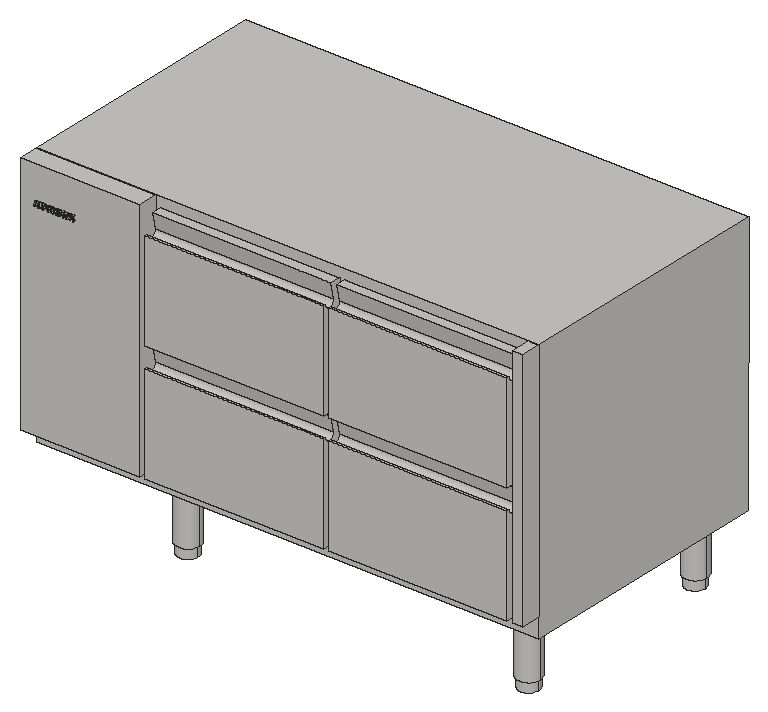
Revit family "QF_ALPENINOX_721113_AA2R7BB", category Attrezzature speciali, Revit 2018 (continued)
Definition of nested family "HP_APX_BI_TN_L"
  Lines and regions (mm)
    Split face 120
      outline origin (330, -951.3, 50) x (1, 0, 0) y (0, 1, 0)
        loop
          arc (-286.464, 649.474) -> (-282.464, 653.474) -> (-286.464, 657.474) r 4
          line (-286.464, 657.474) -> (-328.464, 657.474)
    Split face 121
      outline origin (110, -951.3, 50) x (1, 0, 0) y (0, 1, 0)
        loop
          arc (-218.464, 657.474) -> (-222.464, 653.474) -> (-218.464, 649.474) r 4
          line (-218.464, 649.474) -> (-176.464, 649.474)
          arc (-176.464, 649.474) -> (-172.464, 653.474) -> (-176.464, 657.474) r 4
          line (-176.464, 657.474) -> (-218.464, 657.474)
    Split face 122
      outline origin (220, -951.3, 50) x (1, 0, 0) y (0, 1, 0)
        loop
          arc (-273.464, 657.474) -> (-277.464, 653.474) -> (-273.464, 649.474) r 4
          line (-273.464, 649.474) -> (-231.464, 649.474)
          arc (-231.464, 649.474) -> (-227.464, 653.474) -> (-231.464, 657.474) r 4
          line (-231.464, 657.474) -> (-273.464, 657.474)
    Split face 123
      outline origin (0, -975.3, 50) x (1, 0, 0) y (0, 1, 0)
        loop
          arc (-163.464, 669.474) -> (-167.464, 665.474) -> (-163.464, 661.474) r 4
          line (-163.464, 661.474) -> (-121.464, 661.474)
          arc (-121.464, 661.474) -> (-117.464, 665.474) -> (-121.464, 669.474) r 4
          line (-121.464, 669.474) -> (-163.464, 669.474)
    Split face 124
      outline origin (330, -975.3, 50) x (1, 0, 0) y (0, 1, 0)
        loop
          arc (-328.464, 669.474) -> (-332.464, 665.474) -> (-328.464, 661.474) r 4
          line (-328.464, 661.474) -> (-286.464, 661.474)
          arc (-286.464, 661.474) -> (-282.464, 665.474) -> (-286.464, 669.474) r 4
          line (-286.464, 669.474) -> (-328.464, 669.474)
    Split face 125
      outline origin (110, -975.3, 50) x (1, 0, 0) y (0, 1, 0)
        loop
          arc (-218.464, 669.474) -> (-222.464, 665.474) -> (-218.464, 661.474) r 4
          line (-218.464, 661.474) -> (-176.464, 661.474)
          arc (-176.464, 661.474) -> (-172.464, 665.474) -> (-176.464, 669.474) r 4
          line (-176.464, 669.474) -> (-218.464, 669.474)
    Split face 126
      outline origin (220, -975.3, 50) x (1, 0, 0) y (0, 1, 0)
        loop
          arc (-273.464, 669.474) -> (-277.464, 665.474) -> (-273.464, 661.474) r 4
          line (-273.464, 661.474) -> (-231.464, 661.474)
          arc (-231.464, 661.474) -> (-227.464, 665.474) -> (-231.464, 669.474) r 4
          line (-231.464, 669.474) -> (-273.464, 669.474)
    Split face 127
      outline origin (0, -999.3, 50) x (1, 0, 0) y (0, 1, 0)
        loop
          arc (-163.464, 681.474) -> (-167.464, 677.474) -> (-163.464, 673.474) r 4
          line (-163.464, 673.474) -> (-121.464, 673.474)
          arc (-121.464, 673.474) -> (-117.464, 677.474) -> (-121.464, 681.474) r 4
          line (-121.464, 681.474) -> (-163.464, 681.474)
    Split face 128
      outline origin (330, -999.3, 50) x (1, 0, 0) y (0, 1, 0)
        loop
          arc (-328.464, 681.474) -> (-332.464, 677.474) -> (-328.464, 673.474) r 4
          line (-328.464, 673.474) -> (-286.464, 673.474)
          arc (-286.464, 673.474) -> (-282.464, 677.474) -> (-286.464, 681.474) r 4
          line (-286.464, 681.474) -> (-328.464, 681.474)
    Split face 129
      outline origin (110, -999.3, 50) x (1, 0, 0) y (0, 1, 0)
        loop
          arc (-218.464, 681.474) -> (-222.464, 677.474) -> (-218.464, 673.474) r 4
          line (-218.464, 673.474) -> (-176.464, 673.474)
          arc (-176.464, 673.474) -> (-172.464, 677.474) -> (-176.464, 681.474) r 4
          line (-176.464, 681.474) -> (-218.464, 681.474)
    Split face 130
      outline origin (220, -999.3, 50) x (1, 0, 0) y (0, 1, 0)
        loop
          arc (-273.464, 681.474) -> (-277.464, 677.474) -> (-273.464, 673.474) r 4
          line (-273.464, 673.474) -> (-231.464, 673.474)
          arc (-231.464, 673.474) -> (-227.464, 677.474) -> (-231.464, 681.474) r 4
          line (-231.464, 681.474) -> (-273.464, 681.474)
    Split face 131
      outline origin (0, -1023.3, 50) x (1, 0, 0) y (0, 1, 0)
        loop
          arc (-163.464, 693.474) -> (-167.464, 689.474) -> (-163.464, 685.474) r 4
          line (-163.464, 685.474) -> (-121.464, 685.474)
          arc (-121.464, 685.474) -> (-117.464, 689.474) -> (-121.464, 693.474) r 4
          line (-121.464, 693.474) -> (-163.464, 693.474)
    Split face 132
      outline origin (330, -1023.3, 50) x (1, 0, 0) y (0, 1, 0)
        loop
          arc (-328.464, 693.474) -> (-332.464, 689.474) -> (-328.464, 685.474) r 4
          line (-328.464, 685.474) -> (-286.464, 685.474)
          arc (-286.464, 685.474) -> (-282.464, 689.474) -> (-286.464, 693.474) r 4
          line (-286.464, 693.474) -> (-328.464, 693.474)
    Split face 133
      outline origin (110, -1023.3, 50) x (1, 0, 0) y (0, 1, 0)
        loop
          arc (-218.464, 693.474) -> (-222.464, 689.474) -> (-218.464, 685.474) r 4
          line (-218.464, 685.474) -> (-176.464, 685.474)
          arc (-176.464, 685.474) -> (-172.464, 689.474) -> (-176.464, 693.474) r 4
          line (-176.464, 693.474) -> (-218.464, 693.474)
    Split face 134
      outline origin (220, -1023.3, 50) x (1, 0, 0) y (0, 1, 0)
        loop
          arc (-273.464, 693.474) -> (-277.464, 689.474) -> (-273.464, 685.474) r 4
          line (-273.464, 685.474) -> (-231.464, 685.474)
          arc (-231.464, 685.474) -> (-227.464, 689.474) -> (-231.464, 693.474) r 4
          line (-231.464, 693.474) -> (-273.464, 693.474)
    symbolic lines
      curve 1: line (87.08, -49, 50) -> (87.08, -49, 0)
  Dimensions and locks
    equal spacing: plane 6, plane 1 "Center (Front/Back)", plane 7
    equal spacing: plane 4, plane 3 "Center (Left/Right)", plane 5
    aligned and locked: plane 2 to Extrusion 1
    aligned and locked: level to Extrusion 1
  Automatic sketch dimensions
    Split face 5 sketch curve to Split face 5 sketch curve = 42 mm
    Split face 5 sketch curve to Split face 5 sketch curve = 4 mm
    Split face 6 sketch curve to Split face 6 sketch curve = 42 mm
    Split face 6 sketch curve to Split face 6 sketch curve = 4 mm
    Split face 7 sketch curve to Split face 7 sketch curve = 42 mm
    Split face 7 sketch curve to Split face 7 sketch curve = 4 mm
    Split face 8 sketch curve to Split face 8 sketch curve = 42 mm
    Split face 8 sketch curve to Split face 8 sketch curve = 4 mm
    Split face 9 sketch curve to Split face 9 sketch curve = 42 mm
    Split face 9 sketch curve to Split face 9 sketch curve = 4 mm
    Split face 10 sketch curve to Split face 10 sketch curve = 42 mm
    Split face 10 sketch curve to Split face 10 sketch curve = 4 mm
    Split face 11 sketch curve to Split face 11 sketch curve = 42 mm
    Split face 11 sketch curve to Split face 11 sketch curve = 4 mm
    Split face 12 sketch curve to Split face 12 sketch curve = 42 mm
    Split face 12 sketch curve to Split face 12 sketch curve = 4 mm
    Split face 13 sketch curve to Split face 13 sketch curve = 42 mm
    Split face 13 sketch curve to Split face 13 sketch curve = 4 mm
    Split face 14 sketch curve to Split face 14 sketch curve = 42 mm
    Split face 14 sketch curve to Split face 14 sketch curve = 4 mm
    Split face 15 sketch curve to Split face 15 sketch curve = 42 mm
    Split face 15 sketch curve to Split face 15 sketch curve = 4 mm
    Split face 16 sketch curve to Split face 16 sketch curve = 42 mm
    Split face 16 sketch curve to Split face 16 sketch curve = 4 mm
    Split face 17 sketch curve to Split face 17 sketch curve = 42 mm
    Split face 17 sketch curve to Split face 17 sketch curve = 4 mm
    Split face 18 sketch curve to Split face 18 sketch curve = 42 mm
    Split face 18 sketch curve to Split face 18 sketch curve = 4 mm
    Split face 19 sketch curve to Split face 19 sketch curve = 42 mm
    Split face 19 sketch curve to Split face 19 sketch curve = 4 mm
    Split face 20 sketch curve to Split face 20 sketch curve = 42 mm
    Split face 20 sketch curve to Split face 20 sketch curve = 4 mm
    Split face 21 sketch curve to Split face 21 sketch curve = 42 mm
    Split face 21 sketch curve to Split face 21 sketch curve = 4 mm
    Split face 22 sketch curve to Split face 22 sketch curve = 42 mm
    Split face 22 sketch curve to Split face 22 sketch curve = 4 mm
    Split face 23 sketch curve to Split face 23 sketch curve = 42 mm
    Split face 23 sketch curve to Split face 23 sketch curve = 4 mm
    Split face 24 sketch curve to Split face 24 sketch curve = 42 mm
    Split face 24 sketch curve to Split face 24 sketch curve = 4 mm
    Split face 25 sketch curve to Split face 25 sketch curve = 42 mm
    Split face 25 sketch curve to Split face 25 sketch curve = 4 mm
    Split face 26 sketch curve to Split face 26 sketch curve = 42 mm
    Split face 26 sketch curve to Split face 26 sketch curve = 4 mm
    Split face 27 sketch curve to Split face 27 sketch curve = 42 mm
    Split face 27 sketch curve to Split face 27 sketch curve = 4 mm
    Split face 28 sketch curve to Split face 28 sketch curve = 42 mm
    Split face 28 sketch curve to Split face 28 sketch curve = 4 mm
    Split face 29 sketch curve to Split face 29 sketch curve = 42 mm
    Split face 29 sketch curve to Split face 29 sketch curve = 4 mm
    Split face 30 sketch curve to Split face 30 sketch curve = 42 mm
    Split face 30 sketch curve to Split face 30 sketch curve = 4 mm
    Split face 31 sketch curve to Split face 31 sketch curve = 42 mm
    Split face 31 sketch curve to Split face 31 sketch curve = 4 mm
    Split face 32 sketch curve to Split face 32 sketch curve = 42 mm
    Split face 32 sketch curve to Split face 32 sketch curve = 4 mm
    Split face 33 sketch curve to Split face 33 sketch curve = 42 mm
    Split face 33 sketch curve to Split face 33 sketch curve = 4 mm
    Split face 34 sketch curve to Split face 34 sketch curve = 42 mm
    Split face 34 sketch curve to Split face 34 sketch curve = 4 mm
    Split face 35 sketch curve to Split face 35 sketch curve = 42 mm
    Split face 35 sketch curve to Split face 35 sketch curve = 4 mm
    Split face 36 sketch curve to Split face 36 sketch curve = 42 mm
    Split face 36 sketch curve to Split face 36 sketch curve = 4 mm
    Split face 37 sketch curve to Split face 37 sketch curve = 42 mm
    Split face 37 sketch curve to Split face 37 sketch curve = 4 mm
    Split face 38 sketch curve to Split face 38 sketch curve = 42 mm
    Split face 38 sketch curve to Split face 38 sketch curve = 4 mm
    Split face 39 sketch curve to Split face 39 sketch curve = 42 mm
    Split face 39 sketch curve to Split face 39 sketch curve = 4 mm
    Split face 40 sketch curve to Split face 40 sketch curve = 42 mm
    Split face 40 sketch curve to Split face 40 sketch curve = 4 mm
    Split face 41 sketch curve to Split face 41 sketch curve = 42 mm
    Split face 41 sketch curve to Split face 41 sketch curve = 4 mm
    Split face 42 sketch curve to Split face 42 sketch curve = 42 mm
    Split face 42 sketch curve to Split face 42 sketch curve = 4 mm
    Split face 43 sketch curve to Split face 43 sketch curve = 42 mm
    Split face 43 sketch curve to Split face 43 sketch curve = 4 mm
    Split face 44 sketch curve to Split face 44 sketch curve = 42 mm
    Split face 44 sketch curve to Split face 44 sketch curve = 4 mm
    Split face 45 sketch curve to Split face 45 sketch curve = 42 mm
    Split face 45 sketch curve to Split face 45 sketch curve = 4 mm
    Split face 46 sketch curve to Split face 46 sketch curve = 42 mm
    Split face 46 sketch curve to Split face 46 sketch curve = 4 mm
    Split face 47 sketch curve to Split face 47 sketch curve = 42 mm
    Split face 47 sketch curve to Split face 47 sketch curve = 4 mm
    Split face 48 sketch curve to Split face 48 sketch curve = 42 mm
    Split face 48 sketch curve to Split face 48 sketch curve = 4 mm
    Split face 49 sketch curve to Split face 49 sketch curve = 42 mm
    Split face 49 sketch curve to Split face 49 sketch curve = 4 mm
    Split face 50 sketch curve to Split face 50 sketch curve = 42 mm
    Split face 50 sketch curve to Split face 50 sketch curve = 4 mm
    Split face 51 sketch curve to Split face 51 sketch curve = 42 mm
    Split face 51 sketch curve to Split face 51 sketch curve = 4 mm
    Split face 52 sketch curve to Split face 52 sketch curve = 42 mm
    Split face 52 sketch curve to Split face 52 sketch curve = 4 mm
    Split face 53 sketch curve to Split face 53 sketch curve = 42 mm
    Split face 53 sketch curve to Split face 53 sketch curve = 4 mm
    Split face 54 sketch curve to Split face 54 sketch curve = 42 mm
    Split face 54 sketch curve to Split face 54 sketch curve = 4 mm
    Split face 55 sketch curve to Split face 55 sketch curve = 42 mm
    Split face 55 sketch curve to Split face 55 sketch curve = 4 mm
    Split face 56 sketch curve to Split face 56 sketch curve = 42 mm
    Split face 56 sketch curve to Split face 56 sketch curve = 4 mm
    Split face 57 sketch curve to Split face 57 sketch curve = 42 mm
    Split face 57 sketch curve to Split face 57 sketch curve = 4 mm
    Split face 58 sketch curve to Split face 58 sketch curve = 42 mm
    Split face 58 sketch curve to Split face 58 sketch curve = 4 mm
    Split face 59 sketch curve to Split face 59 sketch curve = 42 mm
    Split face 59 sketch curve to Split face 59 sketch curve = 4 mm
    Split face 60 sketch curve to Split face 60 sketch curve = 42 mm
    Split face 60 sketch curve to Split face 60 sketch curve = 4 mm
    Split face 61 sketch curve to Split face 61 sketch curve = 42 mm
    Split face 61 sketch curve to Split face 61 sketch curve = 4 mm
    Split face 62 sketch curve to Split face 62 sketch curve = 42 mm
    Split face 62 sketch curve to Split face 62 sketch curve = 4 mm
    Split face 63 sketch curve to Split face 63 sketch curve = 42 mm
    Split face 63 sketch curve to Split face 63 sketch curve = 4 mm
    Split face 64 sketch curve to Split face 64 sketch curve = 42 mm
    Split face 64 sketch curve to Split face 64 sketch curve = 4 mm
    Split face 65 sketch curve to Split face 65 sketch curve = 42 mm
    Split face 65 sketch curve to Split face 65 sketch curve = 4 mm
    Split face 66 sketch curve to Split face 66 sketch curve = 42 mm
    Split face 66 sketch curve to Split face 66 sketch curve = 4 mm
    Split face 67 sketch curve to Split face 67 sketch curve = 42 mm
    Split face 67 sketch curve to Split face 67 sketch curve = 4 mm
    Split face 68 sketch curve to Split face 68 sketch curve = 42 mm
    Split face 68 sketch curve to Split face 68 sketch curve = 4 mm
    Split face 69 sketch curve to Split face 69 sketch curve = 42 mm
    Split face 69 sketch curve to Split face 69 sketch curve = 4 mm
    Split face 71 sketch curve to Split face 71 sketch curve = 42 mm
    Split face 71 sketch curve to Split face 71 sketch curve = 4 mm
    Split face 72 sketch curve to Split face 72 sketch curve = 42 mm
    Split face 72 sketch curve to Split face 72 sketch curve = 4 mm
    Split face 73 sketch curve to Split face 73 sketch curve = 42 mm
    Split face 73 sketch curve to Split face 73 sketch curve = 4 mm
    Split face 74 sketch curve to Split face 74 sketch curve = 42 mm
    Split face 74 sketch curve to Split face 74 sketch curve = 4 mm
    Split face 75 sketch curve to Split face 75 sketch curve = 42 mm
    Split face 75 sketch curve to Split face 75 sketch curve = 4 mm
    Split face 76 sketch curve to Split face 76 sketch curve = 42 mm
    Split face 76 sketch curve to Split face 76 sketch curve = 4 mm
    Split face 77 sketch curve to Split face 77 sketch curve = 42 mm
    Split face 77 sketch curve to Split face 77 sketch curve = 4 mm
    Split face 78 sketch curve to Split face 78 sketch curve = 42 mm
    Split face 78 sketch curve to Split face 78 sketch curve = 4 mm
    Split face 79 sketch curve to Split face 79 sketch curve = 42 mm
    Split face 79 sketch curve to Split face 79 sketch curve = 4 mm
    Split face 80 sketch curve to Split face 80 sketch curve = 42 mm
    Split face 80 sketch curve to Split face 80 sketch curve = 4 mm
    Split face 81 sketch curve to Split face 81 sketch curve = 42 mm
    Split face 81 sketch curve to Split face 81 sketch curve = 4 mm
    Split face 82 sketch curve to Split face 82 sketch curve = 42 mm
    Split face 82 sketch curve to Split face 82 sketch curve = 4 mm
    Split face 83 sketch curve to Split face 83 sketch curve = 42 mm
    Split face 83 sketch curve to Split face 83 sketch curve = 4 mm
    Split face 84 sketch curve to Split face 84 sketch curve = 42 mm
    Split face 84 sketch curve to Split face 84 sketch curve = 4 mm
    Split face 85 sketch curve to Split face 85 sketch curve = 42 mm
    Split face 85 sketch curve to Split face 85 sketch curve = 4 mm
    Split face 86 sketch curve to Split face 86 sketch curve = 42 mm
    Split face 86 sketch curve to Split face 86 sketch curve = 4 mm
    Split face 87 sketch curve to Split face 87 sketch curve = 42 mm
    Split face 87 sketch curve to Split face 87 sketch curve = 4 mm
    Split face 88 sketch curve to Split face 88 sketch curve = 42 mm
    Split face 88 sketch curve to Split face 88 sketch curve = 4 mm
    Split face 89 sketch curve to Split face 89 sketch curve = 42 mm
    Split face 89 sketch curve to Split face 89 sketch curve = 4 mm
    Split face 90 sketch curve to Split face 90 sketch curve = 42 mm
    Split face 90 sketch curve to Split face 90 sketch curve = 4 mm
    Split face 91 sketch curve to Split face 91 sketch curve = 42 mm
    Split face 91 sketch curve to Split face 91 sketch curve = 4 mm
    Split face 92 sketch curve to Split face 92 sketch curve = 42 mm
    Split face 92 sketch curve to Split face 92 sketch curve = 4 mm
    Split face 93 sketch curve to Split face 93 sketch curve = 42 mm
    Split face 93 sketch curve to Split face 93 sketch curve = 4 mm
    Split face 94 sketch curve to Split face 94 sketch curve = 42 mm
    Split face 94 sketch curve to Split face 94 sketch curve = 4 mm
    Split face 95 sketch curve to Split face 95 sketch curve = 42 mm
    Split face 95 sketch curve to Split face 95 sketch curve = 4 mm
    Split face 96 sketch curve to Split face 96 sketch curve = 42 mm
    Split face 96 sketch curve to Split face 96 sketch curve = 4 mm
    Split face 97 sketch curve to Split face 97 sketch curve = 42 mm
    Split face 97 sketch curve to Split face 97 sketch curve = 4 mm
    Split face 98 sketch curve to Split face 98 sketch curve = 42 mm
    Split face 98 sketch curve to Split face 98 sketch curve = 4 mm
    Split face 99 sketch curve to Split face 99 sketch curve = 42 mm
    Split face 99 sketch curve to Split face 99 sketch curve = 4 mm
    Split face 100 sketch curve to Split face 100 sketch curve = 42 mm
    Split face 100 sketch curve to Split face 100 sketch curve = 4 mm
    Split face 101 sketch curve to Split face 101 sketch curve = 42 mm
    Split face 101 sketch curve to Split face 101 sketch curve = 4 mm
    Split face 102 sketch curve to Split face 102 sketch curve = 42 mm
    Split face 102 sketch curve to Split face 102 sketch curve = 4 mm
    Split face 103 sketch curve to Split face 103 sketch curve = 42 mm
    Split face 103 sketch curve to Split face 103 sketch curve = 4 mm
    Split face 104 sketch curve to Split face 104 sketch curve = 42 mm
    Split face 104 sketch curve to Split face 104 sketch curve = 4 mm
    Split face 105 sketch curve to Split face 105 sketch curve = 42 mm
    Split face 105 sketch curve to Split face 105 sketch curve = 4 mm
    Split face 106 sketch curve to Split face 106 sketch curve = 42 mm
    Split face 106 sketch curve to Split face 106 sketch curve = 4 mm
    Split face 107 sketch curve to Split face 107 sketch curve = 42 mm
    Split face 107 sketch curve to Split face 107 sketch curve = 4 mm
    Split face 108 sketch curve to Split face 108 sketch curve = 42 mm
    Split face 108 sketch curve to Split face 108 sketch curve = 4 mm
    Split face 109 sketch curve to Split face 109 sketch curve = 42 mm
    Split face 109 sketch curve to Split face 109 sketch curve = 4 mm
    Split face 110 sketch curve to Split face 110 sketch curve = 42 mm
    Split face 110 sketch curve to Split face 110 sketch curve = 4 mm
    Split face 111 sketch curve to Split face 111 sketch curve = 42 mm
    Split face 111 sketch curve to Split face 111 sketch curve = 4 mm
    Split face 112 sketch curve to Split face 112 sketch curve = 42 mm
    Split face 112 sketch curve to Split face 112 sketch curve = 4 mm
    Split face 113 sketch curve to Split face 113 sketch curve = 42 mm
    Split face 113 sketch curve to Split face 113 sketch curve = 4 mm
    Split face 114 sketch curve to Split face 114 sketch curve = 42 mm
    Split face 114 sketch curve to Split face 114 sketch curve = 4 mm
    Split face 115 sketch curve to Split face 115 sketch curve = 42 mm
    Split face 115 sketch curve to Split face 115 sketch curve = 4 mm
    Split face 116 sketch curve to Split face 116 sketch curve = 42 mm
    Split face 116 sketch curve to Split face 116 sketch curve = 4 mm
    Split face 117 sketch curve to Split face 117 sketch curve = 42 mm
    Split face 117 sketch curve to Split face 117 sketch curve = 4 mm
    Split face 118 sketch curve to Split face 118 sketch curve = 42 mm
    Split face 118 sketch curve to Split face 118 sketch curve = 4 mm
    Split face 119 sketch curve to Split face 119 sketch curve = 42 mm
    Split face 119 sketch curve to Split face 119 sketch curve = 4 mm
    Split face 120 sketch curve to Split face 120 sketch curve = 42 mm
    Split face 120 sketch curve to Split face 120 sketch curve = 4 mm
    Split face 121 sketch curve to Split face 121 sketch curve = 42 mm
    Split face 121 sketch curve to Split face 121 sketch curve = 4 mm
    Split face 122 sketch curve to Split face 122 sketch curve = 42 mm
    Split face 122 sketch curve to Split face 122 sketch curve = 4 mm
    Split face 123 sketch curve to Split face 123 sketch curve = 42 mm
    Split face 123 sketch curve to Split face 123 sketch curve = 4 mm
    Split face 124 sketch curve to Split face 124 sketch curve = 42 mm
    Split face 124 sketch curve to Split face 124 sketch curve = 4 mm
    Split face 125 sketch curve to Split face 125 sketch curve = 42 mm
    Split face 125 sketch curve to Split face 125 sketch curve = 4 mm
    Split face 126 sketch curve to Split face 126 sketch curve = 42 mm
    Split face 126 sketch curve to Split face 126 sketch curve = 4 mm
    Split face 127 sketch curve to Split face 127 sketch curve = 42 mm
    Split face 127 sketch curve to Split face 127 sketch curve = 4 mm
    Split face 128 sketch curve to Split face 128 sketch curve = 42 mm
    Split face 128 sketch curve to Split face 128 sketch curve = 4 mm
    Split face 129 sketch curve to Split face 129 sketch curve = 42 mm
    Split face 129 sketch curve to Split face 129 sketch curve = 4 mm
    Split face 130 sketch curve to Split face 130 sketch curve = 42 mm
    Split face 130 sketch curve to Split face 130 sketch curve = 4 mm
    Split face 131 sketch curve to Split face 131 sketch curve = 42 mm
    Split face 131 sketch curve to Split face 131 sketch curve = 4 mm
    Split face 132 sketch curve to Split face 132 sketch curve = 42 mm
    Split face 132 sketch curve to Split face 132 sketch curve = 4 mm
    Split face 133 sketch curve to Split face 133 sketch curve = 42 mm
    Split face 133 sketch curve to Split face 133 sketch curve = 4 mm
    Split face 134 sketch curve to Split face 134 sketch curve = 42 mm
    Split face 134 sketch curve to Split face 134 sketch curve = 4 mm
    Extrusion 1 sketch curve to Extrusion 1 sketch curve = 2438.4 mm  (x2)
    Extrusion 2 sketch curve to plane 4 = 0 mm
    Extrusion 2 sketch curve to plane 5 = 0 mm
    Extrusion 2 sketch curve to plane 7 = 0 mm
    Extrusion 2 sketch curve to plane 6 = 0 mm
    Split face 1 sketch curve to Extrusion 2 = 0 mm  (x2)
    Split face 1 sketch curve to Extrusion 2 = 34 mm
    Split face 1 sketch curve to Extrusion 2 = 104 mm
    Split face 1 sketch curve to Split face 1 sketch curve = 17.5 mm
    Split face 2 sketch curve to Extrusion 2 = 130.5 mm
    Split face 2 sketch curve to Extrusion 2 = 60.5 mm
    Split face 2 sketch curve to Extrusion 2 = 98 mm
    Split face 2 sketch curve to Split face 2 sketch curve = 23 mm
    Split face 3 sketch curve to Extrusion 2 = 80.5 mm
    Split face 3 sketch curve to Split face 3 sketch curve = 17 mm  (x2)
    Split face 3 sketch curve to Extrusion 2 = 95 mm
    plane 4 to Extrusion 3 sketch curve = 34.51 mm
    Extrusion 3 sketch curve to Extrusion 3 sketch curve = 1.266 mm
    Extrusion 3 sketch curve to Extrusion 3 sketch curve = 1.307 mm
    Extrusion 3 sketch curve to Extrusion 3 sketch curve = 0.57 mm
    Extrusion 3 sketch curve to Extrusion 3 sketch curve = 0.593 mm
    Extrusion 3 sketch curve to Extrusion 3 sketch curve = 0.799 mm
    Extrusion 3 sketch curve to Extrusion 3 sketch curve = 1.99 mm  (x2)
    Extrusion 3 sketch curve to Extrusion 3 sketch curve = 0.003 mm
    Extrusion 3 sketch curve to Extrusion 3 sketch curve = 3.534 mm
    Extrusion 3 sketch curve to Extrusion 3 sketch curve = 0.835 mm
    Extrusion 3 sketch curve to Extrusion 3 sketch curve = 0.56 mm
    Extrusion 3 sketch curve to Extrusion 3 sketch curve = 1.268 mm
    Extrusion 3 sketch curve to Extrusion 3 sketch curve = 1.223 mm
    Extrusion 3 sketch curve to Extrusion 3 sketch curve = 1.344 mm
    Extrusion 3 sketch curve to Extrusion 3 sketch curve = 1.394 mm  (x2)
    Extrusion 3 sketch curve to Extrusion 3 sketch curve = 1.512 mm
    Extrusion 3 sketch curve to Extrusion 3 sketch curve = 3.309 mm
    Extrusion 3 sketch curve to Extrusion 3 sketch curve = 5.841 mm
    Extrusion 3 sketch curve to Extrusion 3 sketch curve = 1.393 mm
    Extrusion 3 sketch curve to Extrusion 3 sketch curve = 1.439 mm
    Extrusion 3 sketch curve to Extrusion 3 sketch curve = 0 mm  (x19)
    Extrusion 3 sketch curve to Extrusion 3 sketch curve = 1.902 mm
    Extrusion 3 sketch curve to Extrusion 3 sketch curve = 0.052 mm
    Extrusion 3 sketch curve to Extrusion 3 sketch curve = 2.065 mm
    Extrusion 3 sketch curve to Extrusion 3 sketch curve = 0.647 mm
    Extrusion 3 sketch curve to Extrusion 3 sketch curve = 8.079 mm
    Extrusion 3 sketch curve to Extrusion 3 sketch curve = 0.073 mm
    Extrusion 3 sketch curve to Extrusion 3 sketch curve = 2.145 mm
    Extrusion 3 sketch curve to Extrusion 3 sketch curve = 2.931 mm
    Extrusion 3 sketch curve to Extrusion 3 sketch curve = 0.213 mm
    Extrusion 3 sketch curve to Extrusion 3 sketch curve = 0.026 mm
    Extrusion 3 sketch curve to Extrusion 3 sketch curve = 0.263 mm
    Extrusion 3 sketch curve to Extrusion 3 sketch curve = 0.516 mm
    Extrusion 3 sketch curve to Extrusion 3 sketch curve = 0.356 mm
    Extrusion 3 sketch curve to Extrusion 3 sketch curve = 0.387 mm
    Extrusion 3 sketch curve to Extrusion 3 sketch curve = 2.378 mm
    Extrusion 3 sketch curve to Extrusion 3 sketch curve = 2.466 mm
    Extrusion 3 sketch curve to Extrusion 3 sketch curve = 0.602 mm
    Extrusion 3 sketch curve to Extrusion 3 sketch curve = 1.02 mm
    Extrusion 3 sketch curve to Extrusion 3 sketch curve = 0.949 mm
    Extrusion 3 sketch curve to Extrusion 3 sketch curve = 1.728 mm
    Extrusion 3 sketch curve to Extrusion 3 sketch curve = 0.157 mm  (x2)
    Extrusion 3 sketch curve to Extrusion 3 sketch curve = 0.292 mm
    Extrusion 3 sketch curve to Extrusion 3 sketch curve = 3.565 mm
    Extrusion 3 sketch curve to Extrusion 3 sketch curve = 1.396 mm  (x2)
    Extrusion 3 sketch curve to Extrusion 3 sketch curve = 1.418 mm  (x2)
    Extrusion 3 sketch curve to Extrusion 3 sketch curve = 1.151 mm  (x2)
    Extrusion 3 sketch curve to Extrusion 3 sketch curve = 5.709 mm  (x2)
    Extrusion 3 sketch curve to Extrusion 3 sketch curve = 0.224 mm  (x2)
    Extrusion 3 sketch curve to Extrusion 3 sketch curve = 1.149 mm  (x2)
    Extrusion 3 sketch curve to Extrusion 3 sketch curve = 1.395 mm  (x2)
    Extrusion 3 sketch curve to Extrusion 3 sketch curve = 1.744 mm
    Extrusion 3 sketch curve to Extrusion 3 sketch curve = 1.745 mm
    Extrusion 3 sketch curve to Extrusion 3 sketch curve = 6.963 mm
    Extrusion 3 sketch curve to Extrusion 3 sketch curve = 0.493 mm  (x3)
    Extrusion 3 sketch curve to Extrusion 3 sketch curve = 0.273 mm  (x2)
    Extrusion 3 sketch curve to Extrusion 3 sketch curve = 0.021 mm  (x2)
    Extrusion 3 sketch curve to Extrusion 3 sketch curve = 0.226 mm  (x2)
    Extrusion 3 sketch curve to Extrusion 3 sketch curve = 0.268 mm  (x2)
    Extrusion 3 sketch curve to Extrusion 3 sketch curve = 0.294 mm
    Extrusion 3 sketch curve to Extrusion 3 sketch curve = 5.238 mm
    Extrusion 3 sketch curve to Extrusion 3 sketch curve = 5.908 mm
    Extrusion 3 sketch curve to Extrusion 3 sketch curve = 1.109 mm  (x2)
    Extrusion 3 sketch curve to Extrusion 3 sketch curve = 1.108 mm  (x2)
    Extrusion 3 sketch curve to Extrusion 3 sketch curve = 1.142 mm  (x2)
    Extrusion 3 sketch curve to Extrusion 3 sketch curve = 1.216 mm  (x2)
    Extrusion 3 sketch curve to Extrusion 3 sketch curve = 3.013 mm
    Extrusion 3 sketch curve to Extrusion 3 sketch curve = 1.616 mm  (x3)
    Extrusion 3 sketch curve to Extrusion 3 sketch curve = 2.305 mm
    Extrusion 3 sketch curve to Extrusion 3 sketch curve = 3.049 mm
    Extrusion 3 sketch curve to plane 6 = 93.469 mm
    Extrusion 3 sketch curve to Extrusion 3 sketch curve = 0.498 mm
    Extrusion 3 sketch curve to Extrusion 3 sketch curve = 0.682 mm
    Extrusion 3 sketch curve to Extrusion 3 sketch curve = 0.664 mm
    Extrusion 3 sketch curve to Extrusion 3 sketch curve = 0.425 mm
    Extrusion 3 sketch curve to Extrusion 3 sketch curve = 0.41 mm
    Extrusion 3 sketch curve to Extrusion 3 sketch curve = 1.272 mm
    Extrusion 3 sketch curve to Extrusion 3 sketch curve = 0.789 mm  (x2)
    Extrusion 3 sketch curve to Extrusion 3 sketch curve = 0.056 mm
    Extrusion 3 sketch curve to Extrusion 3 sketch curve = 0.83 mm
    Extrusion 3 sketch curve to Extrusion 3 sketch curve = 1.238 mm
    Extrusion 3 sketch curve to Extrusion 3 sketch curve = 1.732 mm
    Extrusion 3 sketch curve to Extrusion 3 sketch curve = 0.346 mm
    Extrusion 3 sketch curve to Extrusion 3 sketch curve = 1.123 mm
    Extrusion 3 sketch curve to Extrusion 3 sketch curve = 3.023 mm
    Extrusion 3 sketch curve to Extrusion 3 sketch curve = 4.203 mm
    Extrusion 3 sketch curve to Extrusion 3 sketch curve = 3.452 mm  (x2)
    Extrusion 3 sketch curve to Extrusion 3 sketch curve = 2.544 mm
    Extrusion 3 sketch curve to Extrusion 3 sketch curve = 1.177 mm
    Extrusion 3 sketch curve to Extrusion 3 sketch curve = 3.261 mm
    Extrusion 3 sketch curve to Extrusion 3 sketch curve = 0.352 mm  (x2)
    Extrusion 3 sketch curve to Extrusion 3 sketch curve = 1.987 mm
    Extrusion 3 sketch curve to Extrusion 3 sketch curve = 0.171 mm
    Extrusion 3 sketch curve to Extrusion 3 sketch curve = 0.533 mm  (x3)
    Extrusion 3 sketch curve to Extrusion 3 sketch curve = 0.14 mm  (x4)
    Extrusion 3 sketch curve to Extrusion 3 sketch curve = 0.473 mm
    Extrusion 3 sketch curve to Extrusion 3 sketch curve = 0.31 mm  (x2)
    Extrusion 3 sketch curve to Extrusion 3 sketch curve = 0.075 mm
    Extrusion 3 sketch curve to Extrusion 3 sketch curve = 2.431 mm
    Extrusion 3 sketch curve to Extrusion 3 sketch curve = 2.32 mm  (x2)
    Extrusion 3 sketch curve to Extrusion 3 sketch curve = 1.992 mm
    Extrusion 3 sketch curve to Extrusion 3 sketch curve = 0.674 mm
    Extrusion 3 sketch curve to Extrusion 3 sketch curve = 0.732 mm
    Extrusion 3 sketch curve to Extrusion 3 sketch curve = 0.388 mm
    Extrusion 3 sketch curve to Extrusion 3 sketch curve = 0.121 mm
    Extrusion 3 sketch curve to Extrusion 3 sketch curve = 2.589 mm
    Extrusion 3 sketch curve to Extrusion 3 sketch curve = 0.662 mm
    Extrusion 3 sketch curve to Extrusion 3 sketch curve = 3.473 mm
    Extrusion 3 sketch curve to Extrusion 3 sketch curve = 0.681 mm
    Extrusion 3 sketch curve to Extrusion 3 sketch curve = 1.615 mm
    Extrusion 3 sketch curve to Extrusion 3 sketch curve = 0.34 mm
    Extrusion 3 sketch curve to Extrusion 3 sketch curve = 2.288 mm
    Extrusion 3 sketch curve to Extrusion 3 sketch curve = 0.942 mm
    Extrusion 3 sketch curve to Extrusion 3 sketch curve = 5.4 mm
    Extrusion 3 sketch curve to Extrusion 3 sketch curve = 1.768 mm  (x2)
    Extrusion 3 sketch curve to Extrusion 3 sketch curve = 0.761 mm
    Extrusion 3 sketch curve to Extrusion 3 sketch curve = 0.996 mm
    Extrusion 3 sketch curve to Extrusion 3 sketch curve = 3.543 mm  (x2)
    Extrusion 3 sketch curve to Extrusion 3 sketch curve = 7.017 mm
    Extrusion 3 sketch curve to Extrusion 3 sketch curve = 0.11 mm
    Extrusion 3 sketch curve to Extrusion 3 sketch curve = 0.823 mm  (x2)
    Extrusion 3 sketch curve to Extrusion 3 sketch curve = 0.947 mm
    Extrusion 3 sketch curve to Extrusion 3 sketch curve = 3.837 mm
    Extrusion 3 sketch curve to Extrusion 3 sketch curve = 0.623 mm
    Extrusion 3 sketch curve to Extrusion 3 sketch curve = 1.082 mm
    Extrusion 3 sketch curve to Extrusion 3 sketch curve = 0.801 mm
    Extrusion 3 sketch curve to Extrusion 3 sketch curve = 1 mm
    Extrusion 3 sketch curve to Extrusion 3 sketch curve = 0.089 mm
    Extrusion 3 sketch curve to Extrusion 3 sketch curve = 4.257 mm
    Extrusion 3 sketch curve to Extrusion 3 sketch curve = 4.345 mm  (x2)
    Extrusion 3 sketch curve to Extrusion 3 sketch curve = 2.576 mm
    Extrusion 3 sketch curve to Extrusion 3 sketch curve = 1.385 mm  (x4)
    Extrusion 3 sketch curve to Extrusion 3 sketch curve = 2.133 mm  (x4)
    Extrusion 3 sketch curve to Extrusion 3 sketch curve = 3.518 mm
    Extrusion 3 sketch curve to Extrusion 3 sketch curve = 5.603 mm
    Extrusion 3 sketch curve to Extrusion 3 sketch curve = 2.571 mm
    Split face 4 sketch curve to Extrusion 2 = 0 mm  (x2)
    Split face 4 sketch curve to Extrusion 2 = 64 mm
    Extrusion 4 sketch curve to Extrusion 4 sketch curve = 294 mm
    Extrusion 4 sketch curve to Extrusion 4 sketch curve = 652 mm
    Split face 70 sketch curve to Extrusion 2 = 0 mm  (x2)
    Split face 70 sketch curve to Extrusion 2 = 109 mm
    Split face 5 sketch curve to Extrusion 2 = 43.456 mm
    Split face 5 sketch curve to Extrusion 2 = 128.176 mm
    Split face 6 sketch curve to Extrusion 2 = 85.544 mm
    Split face 6 sketch curve to Extrusion 2 = 128.176 mm
    Split face 7 sketch curve to Extrusion 2 = 98.456 mm
    Split face 7 sketch curve to Extrusion 2 = 128.176 mm
    Split face 8 sketch curve to Extrusion 2 = 140.544 mm
    Split face 8 sketch curve to Extrusion 2 = 128.176 mm
    Split face 10 sketch curve to Extrusion 2 = 43.456 mm
    Split face 10 sketch curve to Extrusion 2 = 140.176 mm
    Split face 11 sketch curve to Extrusion 2 = 85.544 mm
    Split face 11 sketch curve to Extrusion 2 = 140.176 mm
    Split face 12 sketch curve to Extrusion 2 = 98.456 mm
    Split face 12 sketch curve to Extrusion 2 = 140.176 mm
    Split face 13 sketch curve to Extrusion 2 = 140.544 mm
    Split face 13 sketch curve to Extrusion 2 = 140.176 mm
    Split face 14 sketch curve to Extrusion 2 = 43.456 mm
    Split face 14 sketch curve to Extrusion 2 = 152.176 mm
    Split face 15 sketch curve to Extrusion 2 = 85.544 mm
    Split face 15 sketch curve to Extrusion 2 = 152.176 mm
    Split face 16 sketch curve to Extrusion 2 = 98.456 mm
    Split face 16 sketch curve to Extrusion 2 = 152.176 mm
    Split face 17 sketch curve to Extrusion 2 = 140.544 mm
    Split face 17 sketch curve to Extrusion 2 = 152.176 mm
    Split face 18 sketch curve to Extrusion 2 = 43.456 mm
    Split face 18 sketch curve to Extrusion 2 = 164.176 mm
    Split face 19 sketch curve to Extrusion 2 = 85.544 mm
    Split face 19 sketch curve to Extrusion 2 = 164.176 mm
    Split face 20 sketch curve to Extrusion 2 = 98.456 mm
    Split face 20 sketch curve to Extrusion 2 = 164.176 mm
    Split face 21 sketch curve to Extrusion 2 = 140.544 mm
    Split face 21 sketch curve to Extrusion 2 = 164.176 mm
    Split face 22 sketch curve to Extrusion 2 = 43.456 mm
    Split face 22 sketch curve to Extrusion 2 = 176.176 mm
    Split face 23 sketch curve to Extrusion 2 = 85.544 mm
    Split face 23 sketch curve to Extrusion 2 = 176.176 mm
    Split face 24 sketch curve to Extrusion 2 = 98.456 mm
    Split face 24 sketch curve to Extrusion 2 = 176.176 mm
    Split face 25 sketch curve to Extrusion 2 = 140.544 mm
    Split face 25 sketch curve to Extrusion 2 = 176.176 mm
    Split face 26 sketch curve to Extrusion 2 = 43.456 mm
    Split face 26 sketch curve to Extrusion 2 = 188.176 mm
    Split face 27 sketch curve to Extrusion 2 = 85.544 mm
    Split face 27 sketch curve to Extrusion 2 = 188.176 mm
    Split face 28 sketch curve to Extrusion 2 = 98.456 mm
    Split face 28 sketch curve to Extrusion 2 = 188.176 mm
    Split face 29 sketch curve to Extrusion 2 = 140.544 mm
    Split face 29 sketch curve to Extrusion 2 = 188.176 mm
    Split face 30 sketch curve to Extrusion 2 = 43.456 mm
    Split face 30 sketch curve to Extrusion 2 = 200.176 mm
    Split face 31 sketch curve to Extrusion 2 = 85.544 mm
    Split face 31 sketch curve to Extrusion 2 = 200.176 mm
    Split face 32 sketch curve to Extrusion 2 = 98.456 mm
    Split face 32 sketch curve to Extrusion 2 = 200.176 mm
    Split face 33 sketch curve to Extrusion 2 = 140.544 mm
    Split face 33 sketch curve to Extrusion 2 = 200.176 mm
    Split face 34 sketch curve to Extrusion 2 = 43.456 mm
    Split face 34 sketch curve to Extrusion 2 = 212.176 mm
    Split face 35 sketch curve to Extrusion 2 = 85.544 mm
    Split face 35 sketch curve to Extrusion 2 = 212.176 mm
    Split face 36 sketch curve to Extrusion 2 = 98.456 mm
    Split face 36 sketch curve to Extrusion 2 = 212.176 mm
    Split face 37 sketch curve to Extrusion 2 = 140.544 mm
    Split face 37 sketch curve to Extrusion 2 = 212.176 mm
    Split face 38 sketch curve to Extrusion 2 = 43.456 mm
    Split face 38 sketch curve to Extrusion 2 = 224.176 mm
    Split face 39 sketch curve to Extrusion 2 = 85.544 mm
    Split face 39 sketch curve to Extrusion 2 = 224.176 mm
    Split face 40 sketch curve to Extrusion 2 = 98.456 mm
    Split face 40 sketch curve to Extrusion 2 = 224.176 mm
    Split face 41 sketch curve to Extrusion 2 = 140.544 mm
    Split face 41 sketch curve to Extrusion 2 = 224.176 mm
    Split face 42 sketch curve to Extrusion 2 = 43.456 mm
    Split face 42 sketch curve to Extrusion 2 = 236.176 mm
    Split face 43 sketch curve to Extrusion 2 = 85.544 mm
    Split face 43 sketch curve to Extrusion 2 = 236.176 mm
    Split face 44 sketch curve to Extrusion 2 = 98.456 mm
    Split face 44 sketch curve to Extrusion 2 = 236.176 mm
    Split face 45 sketch curve to Extrusion 2 = 140.544 mm
    Split face 45 sketch curve to Extrusion 2 = 236.176 mm
    Split face 46 sketch curve to Extrusion 2 = 43.456 mm
    Split face 46 sketch curve to Extrusion 2 = 248.176 mm
    Split face 47 sketch curve to Extrusion 2 = 85.544 mm
    Split face 47 sketch curve to Extrusion 2 = 248.176 mm
    Split face 48 sketch curve to Extrusion 2 = 98.456 mm
    Split face 48 sketch curve to Extrusion 2 = 248.176 mm
    Split face 49 sketch curve to Extrusion 2 = 140.544 mm
    Split face 49 sketch curve to Extrusion 2 = 248.176 mm
    Split face 50 sketch curve to Extrusion 2 = 43.456 mm
    Split face 50 sketch curve to Extrusion 2 = 260.176 mm
    Split face 51 sketch curve to Extrusion 2 = 85.544 mm
    Split face 51 sketch curve to Extrusion 2 = 260.176 mm
    Split face 52 sketch curve to Extrusion 2 = 98.456 mm
    Split face 52 sketch curve to Extrusion 2 = 260.176 mm
    Split face 53 sketch curve to Extrusion 2 = 140.544 mm
    Split face 53 sketch curve to Extrusion 2 = 260.176 mm
    Split face 54 sketch curve to Extrusion 2 = 43.456 mm
    Split face 54 sketch curve to Extrusion 2 = 272.176 mm
    Split face 55 sketch curve to Extrusion 2 = 85.544 mm
    Split face 55 sketch curve to Extrusion 2 = 272.176 mm
    Split face 56 sketch curve to Extrusion 2 = 98.456 mm
    Split face 56 sketch curve to Extrusion 2 = 272.176 mm
    Split face 57 sketch curve to Extrusion 2 = 140.544 mm
    Split face 57 sketch curve to Extrusion 2 = 272.176 mm
    Split face 58 sketch curve to Extrusion 2 = 43.456 mm
    Split face 58 sketch curve to Extrusion 2 = 284.176 mm
    Split face 59 sketch curve to Extrusion 2 = 85.544 mm
    Split face 59 sketch curve to Extrusion 2 = 284.176 mm
    Split face 60 sketch curve to Extrusion 2 = 98.456 mm
    Split face 60 sketch curve to Extrusion 2 = 284.176 mm
    Split face 61 sketch curve to Extrusion 2 = 140.544 mm
    Split face 61 sketch curve to Extrusion 2 = 284.176 mm
    Split face 62 sketch curve to Extrusion 2 = 43.456 mm
    Split face 62 sketch curve to Extrusion 2 = 296.176 mm
    Split face 63 sketch curve to Extrusion 2 = 85.544 mm
    Split face 63 sketch curve to Extrusion 2 = 296.176 mm
    Split face 64 sketch curve to Extrusion 2 = 98.456 mm
    Split face 64 sketch curve to Extrusion 2 = 296.176 mm
    Split face 65 sketch curve to Extrusion 2 = 140.544 mm
    Split face 65 sketch curve to Extrusion 2 = 296.176 mm
    Split face 66 sketch curve to Extrusion 2 = 43.456 mm
    Split face 66 sketch curve to Extrusion 2 = 308.176 mm
    Split face 67 sketch curve to Extrusion 2 = 85.544 mm
    Split face 67 sketch curve to Extrusion 2 = 308.176 mm
    Split face 68 sketch curve to Extrusion 2 = 98.456 mm
    Split face 68 sketch curve to Extrusion 2 = 308.176 mm
    Split face 69 sketch curve to Extrusion 2 = 140.544 mm
    Split face 69 sketch curve to Extrusion 2 = 308.176 mm
    Split face 71 sketch curve to Extrusion 2 = 43.456 mm
    Split face 71 sketch curve to Extrusion 2 = 192.174 mm
    Split face 72 sketch curve to Extrusion 2 = 85.544 mm
    Split face 72 sketch curve to Extrusion 2 = 192.174 mm
    Split face 73 sketch curve to Extrusion 2 = 98.456 mm
    Split face 73 sketch curve to Extrusion 2 = 192.174 mm
    Split face 74 sketch curve to Extrusion 2 = 140.544 mm
    Split face 74 sketch curve to Extrusion 2 = 192.174 mm
    Split face 75 sketch curve to Extrusion 2 = 43.456 mm
    Split face 75 sketch curve to Extrusion 2 = 180.174 mm
    Split face 76 sketch curve to Extrusion 2 = 85.544 mm
    Split face 76 sketch curve to Extrusion 2 = 180.174 mm
    Split face 77 sketch curve to Extrusion 2 = 98.456 mm
    Split face 77 sketch curve to Extrusion 2 = 180.174 mm
    Split face 78 sketch curve to Extrusion 2 = 140.544 mm
    Split face 78 sketch curve to Extrusion 2 = 180.174 mm
    Split face 79 sketch curve to Extrusion 2 = 43.456 mm
    Split face 79 sketch curve to Extrusion 2 = 168.174 mm
    Split face 80 sketch curve to Extrusion 2 = 85.544 mm
    Split face 80 sketch curve to Extrusion 2 = 168.174 mm
    Split face 81 sketch curve to Extrusion 2 = 98.456 mm
    Split face 81 sketch curve to Extrusion 2 = 168.174 mm
    Split face 82 sketch curve to Extrusion 2 = 140.544 mm
    Split face 82 sketch curve to Extrusion 2 = 168.174 mm
    Split face 83 sketch curve to Extrusion 2 = 43.456 mm
    Split face 83 sketch curve to Extrusion 2 = 156.174 mm
    Split face 84 sketch curve to Extrusion 2 = 85.544 mm
    Split face 84 sketch curve to Extrusion 2 = 156.174 mm
    Split face 85 sketch curve to Extrusion 2 = 98.456 mm
    Split face 85 sketch curve to Extrusion 2 = 156.174 mm
    Split face 86 sketch curve to Extrusion 2 = 140.544 mm
    Split face 86 sketch curve to Extrusion 2 = 156.174 mm
    Split face 87 sketch curve to Extrusion 2 = 43.456 mm
    Split face 87 sketch curve to Extrusion 2 = 144.174 mm
    Split face 88 sketch curve to Extrusion 2 = 85.544 mm
    Split face 88 sketch curve to Extrusion 2 = 144.174 mm
    Split face 89 sketch curve to Extrusion 2 = 98.456 mm
    Split face 89 sketch curve to Extrusion 2 = 144.174 mm
    Split face 90 sketch curve to Extrusion 2 = 140.544 mm
    Split face 90 sketch curve to Extrusion 2 = 144.174 mm
    Split face 91 sketch curve to Extrusion 2 = 43.456 mm
    Split face 91 sketch curve to Extrusion 2 = 132.174 mm
    Split face 92 sketch curve to Extrusion 2 = 85.544 mm
    Split face 92 sketch curve to Extrusion 2 = 132.174 mm
    Split face 93 sketch curve to Extrusion 2 = 98.456 mm
    Split face 93 sketch curve to Extrusion 2 = 132.174 mm
    Split face 94 sketch curve to Extrusion 2 = 140.544 mm
    Split face 94 sketch curve to Extrusion 2 = 132.174 mm
    Split face 95 sketch curve to Extrusion 2 = 43.456 mm
    Split face 95 sketch curve to Extrusion 2 = 120.174 mm
    Split face 96 sketch curve to Extrusion 2 = 85.544 mm
    Split face 96 sketch curve to Extrusion 2 = 120.174 mm
    Split face 97 sketch curve to Extrusion 2 = 98.456 mm
    Split face 97 sketch curve to Extrusion 2 = 120.174 mm
    Split face 98 sketch curve to Extrusion 2 = 140.544 mm
    Split face 98 sketch curve to Extrusion 2 = 120.174 mm
    Split face 99 sketch curve to Extrusion 2 = 43.456 mm
    Split face 99 sketch curve to Extrusion 2 = 108.174 mm
    Split face 100 sketch curve to Extrusion 2 = 85.544 mm
    Split face 100 sketch curve to Extrusion 2 = 108.174 mm
    Split face 101 sketch curve to Extrusion 2 = 98.456 mm
    Split face 101 sketch curve to Extrusion 2 = 108.174 mm
    Split face 102 sketch curve to Extrusion 2 = 140.544 mm
    Split face 102 sketch curve to Extrusion 2 = 108.174 mm
    Split face 103 sketch curve to Extrusion 2 = 43.456 mm
    Split face 103 sketch curve to Extrusion 2 = 96.174 mm
    Split face 104 sketch curve to Extrusion 2 = 85.544 mm
    Split face 104 sketch curve to Extrusion 2 = 96.174 mm
    Split face 105 sketch curve to Extrusion 2 = 98.456 mm
    Split face 105 sketch curve to Extrusion 2 = 96.174 mm
    Split face 106 sketch curve to Extrusion 2 = 140.544 mm
    Split face 106 sketch curve to Extrusion 2 = 96.174 mm
    Split face 107 sketch curve to Extrusion 2 = 43.456 mm
    Split face 107 sketch curve to Extrusion 2 = 84.174 mm
    Split face 108 sketch curve to Extrusion 2 = 85.544 mm
    Split face 108 sketch curve to Extrusion 2 = 84.174 mm
    Split face 109 sketch curve to Extrusion 2 = 98.456 mm
    Split face 109 sketch curve to Extrusion 2 = 84.174 mm
    Split face 110 sketch curve to Extrusion 2 = 140.544 mm
    Split face 110 sketch curve to Extrusion 2 = 84.174 mm
    Split face 111 sketch curve to Extrusion 2 = 43.456 mm
    Split face 111 sketch curve to Extrusion 2 = 72.174 mm
    Split face 112 sketch curve to Extrusion 2 = 85.544 mm
    Split face 112 sketch curve to Extrusion 2 = 72.174 mm
    Split face 113 sketch curve to Extrusion 2 = 98.456 mm
    Split face 113 sketch curve to Extrusion 2 = 72.174 mm
    Split face 114 sketch curve to Extrusion 2 = 140.544 mm
    Split face 114 sketch curve to Extrusion 2 = 72.174 mm
    Split face 115 sketch curve to Extrusion 2 = 43.456 mm
    Split face 115 sketch curve to Extrusion 2 = 60.174 mm
    Split face 116 sketch curve to Extrusion 2 = 85.544 mm
    Split face 116 sketch curve to Extrusion 2 = 60.174 mm
    Split face 117 sketch curve to Extrusion 2 = 98.456 mm
    Split face 117 sketch curve to Extrusion 2 = 60.174 mm
    Split face 118 sketch curve to Extrusion 2 = 68.174 mm
    Split face 118 sketch curve to Extrusion 2 = 140.544 mm
    Split face 119 sketch curve to Extrusion 2 = 43.456 mm
    Split face 119 sketch curve to Extrusion 2 = 48.174 mm
    Split face 120 sketch curve to Extrusion 2 = 85.544 mm
    Split face 120 sketch curve to Extrusion 2 = 48.174 mm
    Split face 121 sketch curve to Extrusion 2 = 98.456 mm
    Split face 121 sketch curve to Extrusion 2 = 48.174 mm
    Split face 122 sketch curve to Extrusion 2 = 56.174 mm
    Split face 122 sketch curve to Extrusion 2 = 140.544 mm
    Split face 123 sketch curve to Extrusion 2 = 43.456 mm
    Split face 123 sketch curve to Extrusion 2 = 36.174 mm
    Split face 124 sketch curve to Extrusion 2 = 85.544 mm
    Split face 124 sketch curve to Extrusion 2 = 36.174 mm
    Split face 125 sketch curve to Extrusion 2 = 44.174 mm
    Split face 125 sketch curve to Extrusion 2 = 98.456 mm
    Split face 126 sketch curve to Extrusion 2 = 44.174 mm
    Split face 126 sketch curve to Extrusion 2 = 140.544 mm
    Split face 127 sketch curve to Extrusion 2 = 43.456 mm
    Split face 127 sketch curve to Extrusion 2 = 24.174 mm
    Split face 128 sketch curve to Extrusion 2 = 32.174 mm
    Split face 128 sketch curve to Extrusion 2 = 85.544 mm
    Split face 129 sketch curve to Extrusion 2 = 32.174 mm
    Split face 129 sketch curve to Extrusion 2 = 98.456 mm
    Split face 130 sketch curve to Extrusion 2 = 32.174 mm
    Split face 130 sketch curve to Extrusion 2 = 140.544 mm
    Split face 131 sketch curve to Extrusion 2 = 20.174 mm
    Split face 131 sketch curve to Extrusion 2 = 43.456 mm
    Split face 132 sketch curve to Extrusion 2 = 20.174 mm
    Split face 132 sketch curve to Extrusion 2 = 85.544 mm
    Split face 133 sketch curve to Extrusion 2 = 20.174 mm
    Split face 133 sketch curve to Extrusion 2 = 98.456 mm
    Split face 134 sketch curve to Extrusion 2 = 20.174 mm
    Split face 134 sketch curve to Extrusion 2 = 140.544 mm
    curve 1 to level = 0 mm
    curve 1 to plane 5 = 0 mm
    curve 1 to curve 1 = 50 mm
Definition of nested family "HP_APX_HALF"
  Parameters
    Show Clearance [instance] = yes
    Default Elevation = 1219.2 mm
  Reference planes
    plane 1 "Center (Front/Back)": y = 28.92
    plane 2: z = 0
    plane 3 "Center (Left/Right)": x = 0
    plane 4: x = -234
    plane 5: x = 234
    plane 6: z = 618
  Forms (mm)
    Extrusion 1, solid
      sketch origin (0, 0, 0) x (1, 0, 0) y (0, 1, 0)
        loop
          line (-1219.2, 1219.2) -> (-1219.2, -1219.2) -> (1219.2, -1219.2) -> (1219.2, 1219.2) -> (-1219.2, 1219.2)
      from 0 to -304.8
    Extrusion 2, solid
      sketch origin (0, 0, 0) x (0, 1, 0) y (0, 0, 1)
        loop
          line (317.92, 0) -> (317.92, 26) -> (278.314, 17)
          arc (278.314, 17) -> (264.314, 31) -> (278.314, 45) r 14
          line (278.314, 45) -> (278.314, 50) -> (33.92, 50) -> (33.92, 0) -> (317.92, 0)
        loop
          line (23.92, 0) -> (23.92, 26) -> (-15.686, 17)
          arc (-15.686, 17) -> (-29.686, 31) -> (-15.686, 45) r 14
          line (-15.686, 45) -> (-15.686, 50) -> (-260.08, 50) -> (-260.08, 0) -> (23.92, 0)
      from -220 to 220
    Extrusion 3, solid, visible <- "Show Clearance", detail levels coarse
      sketch origin (0, 0, 512) x (0, 1, 0) y (0, 0, 1)
        loop
          line (-260.08, 106) -> (-260.08, -462) -> (23.92, -462) -> (23.92, 82) -> (-15.686, 73)
          arc (-15.686, 73) -> (-29.686, 87) -> (-15.686, 101) r 14
          line (-15.686, 101) -> (-15.686, 106) -> (-260.08, 106)
        loop
          line (317.92, -462) -> (317.92, 82) -> (278.314, 73)
          arc (278.314, 73) -> (264.314, 87) -> (278.314, 101) r 14
          line (278.314, 101) -> (278.314, 106) -> (33.92, 106) -> (33.92, -462) -> (317.92, -462)
      from -220 to 220
  Lines and regions (mm)
    symbolic lines
      curve 1: line (220, 0, 140) -> (-220, 0, 140)
      curve 2: line (220, 0, 175) -> (-220, 0, 175)
      curve 3: line (220, 0, 260) -> (-220, 0, 260)
      curve 4: line (220, 0, 295) -> (-220, 0, 295)
      curve 5: line (191.424, 0, 140) -> (191.424, 0, 55)
      curve 6: line (-190, 0, 140) -> (-190, 0, 55)
      curve 7: line (191.424, 0, 260) -> (191.424, 0, 175)
      curve 8: line (-190, 0, 260) -> (-190, 0, 175)
      curve 9: line (220, 0, 260) -> (220, 0, 295)
      curve 10: line (-220, 0, 260) -> (-220, 0, 295)
      curve 11: line (220, 0, 140) -> (220, 0, 175)
      curve 12: line (-220, 0, 140) -> (-220, 0, 175)
  Dimensions and locks
    plane 4 to plane 3 "Center (Left/Right)" to plane 5 = 234 mm locked, 234 mm locked
    plane 6 to level = 618 mm
    aligned and locked: plane 2 to Extrusion 1
    aligned and locked: level to Extrusion 1
Definition of nested family "HP_Refrigerator"
  Reference planes
    plane 1 "Center (Front/Back)": y = 0
    plane 2: z = 0
    plane 3 "Center (Left/Right)": x = 0
  Lines and regions (mm)
    detail lines, in view "Ref. Level"
      curve 1: spline (-500, 190, 0) -> (-493.185, 166.706, 0) -> (-473.205, 145, 0) -> (-441.421, 126.36, 0) -> (-400, 112.058, 0) -> (-351.764, 103.067, 0) -> (-300, 100, 0) -> (-248.236, 103.067, 0) -> (-200, 112.058, 0) -> (-158.579, 126.36, 0) -> (-126.795, 145, 0) -> (-106.815, 166.706, 0) -> (-100, 190, 0) -> (-106.815, 213.294, 0) -> (-126.795, 235, 0) -> (-158.579, 253.64, 0) -> (-200, 267.942, 0) -> (-248.236, 276.933, 0) -> (-300, 280, 0) -> (-351.764, 276.933, 0) -> (-400, 267.942, 0) -> (-441.421, 253.64, 0) -> (-473.205, 235, 0) -> (-493.185, 213.294, 0) -> (-500, 190, 0)
      curve 2: line (-300, 130, 0) -> (-300, 250, 0)
      curve 3: line (-351.962, 220, 0) -> (-248.038, 160, 0)
      curve 4: line (-351.962, 160, 0) -> (-248.038, 220, 0)
      curve 5: line (-280.884, 246.873, 0) -> (-300, 225, 0)
      curve 6: line (-300, 225, 0) -> (-319.116, 246.873, 0)
      curve 7: line (-330.311, 207.5, 0) -> (-339.696, 234.992, 0)
      curve 8: line (-358.812, 201.882, 0) -> (-330.311, 207.5, 0)
      curve 9: line (-330.311, 172.5, 0) -> (-358.812, 178.118, 0)
      curve 10: line (-339.696, 145.008, 0) -> (-330.311, 172.5, 0)
      curve 11: line (-300, 155, 0) -> (-319.116, 133.127, 0)
      curve 12: line (-280.884, 133.127, 0) -> (-300, 155, 0)
      curve 13: line (-269.689, 172.5, 0) -> (-260.304, 145.008, 0)
      curve 14: line (-241.188, 178.118, 0) -> (-269.689, 172.5, 0)
      curve 15: line (-269.689, 207.5, 0) -> (-241.188, 201.882, 0)
      curve 16: line (-260.304, 234.992, 0) -> (-269.689, 207.5, 0)
Types (2, lengths in mm): name | URL | Produttore | Phase | Modello | Descrizione
  (no name) | 0 | 0 | 0 | 0 | 0
  Standard | "http://www.alpeninox.com" | "Alpeninox" | 1 | "AA2R7BB" | "4X1/2-DRAWER REFRIGERATED COUNTER, -2+10°C, FULL AISI 304 (R290), WITHOUT WORK TOP"
